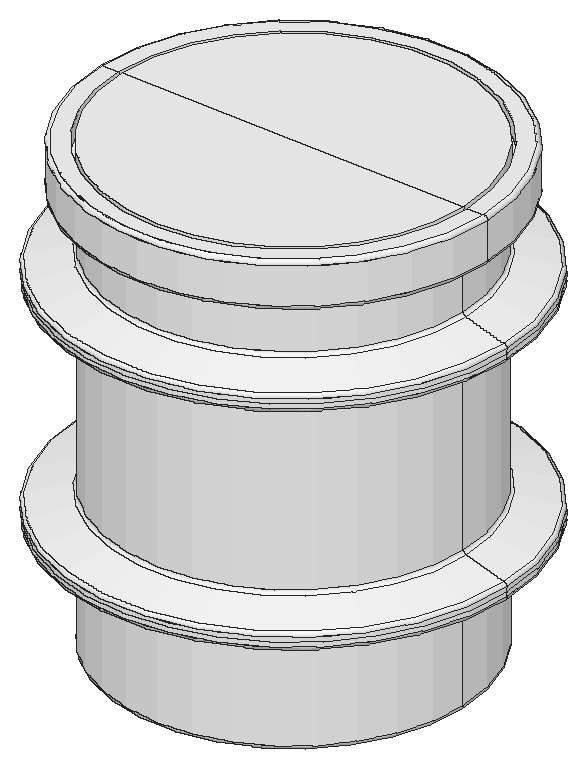
Revit family "C1300-MF", category Plumbing Fixtures, host Face, Revit 2024
Family settings
  Host = Face
  Round Connector Dimension = Use Radius
  Part Type = Normal
  OmniClass Number = 23.45.55.21
  OmniClass Title = Drains (Wastes)
  Enable Cutting in Views = No
  Cut with Voids When Loaded = No
  Maintain Annotation Orientation = No
  Shared = No
  Room Calculation Point = No
Parameters
  WFU = 0
  URL = "WWW.MIFAB.COM"
  Strainer Radius = Stainer Diameter / 2  # 5.000"
  Stainer Diameter = 10.000"
  Pipe Radius = Pipe Diameter / 2  # 4.375"
  Pipe Diameter = 8.750"
  Model = "C1300-MF"
  Manufacturer = "MIFAB"
  Floor Drain Material = Paint - Sherwin Williams Paint - #952C2A - Bellwood Red
  Description = "HEAVY DUTY ACCESS HOUSING WITH ANCHOR FLANGES"
  Default Elevation = 0.000"
  Body Height = 11.625"
Reference planes (in)
  plane 1 "Center (Front/Back)": y = 0
  plane 2: z = 0
  plane 3 "Center (Left/Right)": x = 0
  plane 4: x = -5
  plane 5: x = 5
  plane 6: z = -11.625
  plane 7: x = -4.375
  plane 8: x = 4.375
  plane 9: x = -2.31968
  plane 10: x = 2.31968
Forms (in)
  Revolve 1, solid, material "Paint - Sherwin Williams Paint - #952C2A - Bellwood Red" <- "Floor Drain Material"
    sketch origin (0, 0, 0) x (1, 0, 0) y (0, 0, 1)
      loop
        arc (4.275, -11.625) -> (4.34571, -11.59571) -> (4.375, -11.525) r 0.1
        line (4.375, -11.525) -> (4.375, -9.07601)
        arc (4.375, -9.07601) -> (4.39539, -9.0155) -> (4.44824, -8.97966) r 0.1
        line (4.44824, -8.97966) -> (5.42676, -8.70784)
        arc (5.42676, -8.70784) -> (5.47961, -8.672) -> (5.5, -8.61149) r 0.1
        line (5.5, -8.61149) -> (5.5, -8.5) -> (5.5, -8.38851)
        arc (5.5, -8.38851) -> (5.47961, -8.328) -> (5.42676, -8.29216) r 0.1
        line (5.42676, -8.29216) -> (4.44824, -8.02034)
        arc (4.44824, -8.02034) -> (4.39539, -7.9845) -> (4.375, -7.92399) r 0.1
        line (4.375, -7.92399) -> (4.375, -3.57601)
        arc (4.375, -3.57601) -> (4.39539, -3.5155) -> (4.44824, -3.47966) r 0.1
        line (4.44824, -3.47966) -> (5.42676, -3.20784)
        arc (5.42676, -3.20784) -> (5.47961, -3.172) -> (5.5, -3.11149) r 0.1
        line (5.5, -3.11149) -> (5.5, -3) -> (5.5, -2.88851)
        arc (5.5, -2.88851) -> (5.47961, -2.828) -> (5.42676, -2.79216) r 0.1
        line (5.42676, -2.79216) -> (4.44824, -2.52034)
        arc (4.44824, -2.52034) -> (4.39539, -2.4845) -> (4.375, -2.42399) r 0.1
        line (4.375, -2.42399) -> (4.375, -1.225)
        arc (4.375, -1.225) -> (4.40429, -1.15429) -> (4.475, -1.125) r 0.1
        line (4.475, -1.125) -> (4.9, -1.125)
        arc (4.9, -1.125) -> (4.97071, -1.09571) -> (5, -1.025) r 0.1
        line (5, -1.025) -> (5, -0.1)
        arc (5, -0.1) -> (4.97071, -0.02929) -> (4.9, 0) r 0.1
        line (4.9, 0) -> (4.5, 0) -> (4.5, -0.425) -> (4, -0.425) -> (4, -11.625) -> (4.275, -11.625)
      axis (0, 0) -> (0, -11.625)
    angle from 0 to 360
  Revolve 2, solid, material "Paint - Sherwin Williams Paint - #952C2A - Bellwood Red" <- "Floor Drain Material"
    sketch origin (0, 0, 0) x (1, 0, 0) y (0, 0, 1)
      loop
        line (0, 0) -> (0, -0.425) -> (4.4, -0.425) -> (4.4, 0) -> (0, 0)
      axis (0, 0) -> (0, -0.425)
    angle from 0 to 360
Lines and regions (in)
  symbolic lines
    curve 1: circle (0, 0, 0) r 5 normal (0, 0, 1)
  symbolic lines, style "PlumbingFixtures"
    curve 2: circle (0, 0, 0) r 1.00382 normal (0, 0, 1)
Dimensions and locks (in)
  equal spacing: plane 5, plane 3 "Center (Left/Right)", plane 4
  "Stainer Diameter": plane 5 to plane 4
  equal spacing: plane 8, plane 3 "Center (Left/Right)", plane 7
  "Pipe Diameter": plane 8 to plane 7
  "Body Height": host face to plane 6
  locked: Revolve 2 sketch curve to Revolve 1 at 0.1
  "Strainer Radius": radius of curve 1
  aligned and locked: plane 2 to host face
  aligned and locked: level to host face
  aligned and locked: plane 1 "Center (Front/Back)" to curve 1
  aligned and locked: plane 3 "Center (Left/Right)" to curve 1
  aligned and locked: Revolve 1 sketch curve to plane 3 "Center (Left/Right)"
  aligned and locked: plane 8 to Revolve 1 sketch curve  (x3)
  aligned and locked: Revolve 2 sketch curve to host face
  aligned and locked: plane 3 "Center (Left/Right)" to Revolve 2 sketch curve
  aligned and locked: Revolve 1 to Revolve 2 sketch curve
Automatic sketch dimensions
  host sketch curve to host sketch curve = 96.000"  (x2)
  Revolve 1 sketch curve to plane 6 = 0.000"  (x2)
  Revolve 1 sketch curve to level = 0.000"
  plane 8 to Revolve 1 sketch curve = 0.375"
  plane 6 to Revolve 1 sketch curve = 0.100"
  Revolve 1 sketch curve to plane 8 = 0.07324"  (x4)
  Revolve 1 sketch curve to plane 8 = 0.100"  (x5)
  Revolve 1 sketch curve to plane 8 = 0.125"
  plane 5 to Revolve 1 sketch curve = 0.100"
  Revolve 1 sketch curve to plane 5 = 0.42676"  (x2)
  Revolve 1 sketch curve to Revolve 1 sketch curve = 0.000"  (x2)
  Revolve 1 sketch curve to Revolve 1 sketch curve = 0.07324"  (x2)
  Revolve 1 sketch curve to Revolve 1 sketch curve = 0.100"  (x2)
  Revolve 1 sketch curve to Revolve 1 sketch curve = 0.02676"  (x3)
  Revolve 1 sketch curve to Revolve 1 sketch curve = 2.44899"
  Revolve 1 sketch curve to Revolve 1 sketch curve = 0.27181"  (x2)
  Revolve 1 sketch curve to Revolve 1 sketch curve = 0.11149"  (x4)
  Revolve 1 sketch curve to Revolve 1 sketch curve = 0.95931"  (x2)
  Revolve 1 sketch curve to Revolve 1 sketch curve = 3.47601"
  Revolve 1 sketch curve to Revolve 1 sketch curve = 1.19899"
  Revolve 1 sketch curve to level = 0.425"
  Revolve 1 sketch curve to Revolve 1 sketch curve = 2.28839"
  plane 5 to Revolve 1 sketch curve = 0.000"
  Revolve 2 sketch curve to plane 3 "Center (Left/Right)" = 0.000"
  Revolve 2 sketch curve to Revolve 2 sketch curve = 0.4077"
  Revolve 2 sketch curve to Revolve 2 sketch curve = 0.1943"
  curve 1 to curve 2 = 0.000"  (x2)
  plane 1 "Center (Front/Back)" to curve 2 = 0.000"
  curve 2 to plane 3 "Center (Left/Right)" = 0.000"
  radius of curve 2 = 1.00382"
Connectors (in)
  piping at (0, 0, -11.625), diameter 8.75, driven by "Pipe Radius"
    settings: on Revolve 1, index 1, connector inside diameter 8 3/4", connector length 0.000", flow factor 0, pipe flow 0 GPM, pressure drop 0.00 psi, fitting loss kfactor 0, connector angle 0.00°, fixture units 0, engagement length 0.000", angle of deflection 0.00°, flow configuration 0, flow direction 0, fitting loss method 0, system type 7, joint type 0, gender type 0, connector reference index -1, connector utility 0, adjustable connector no, is connector primary yes, connector description ""
